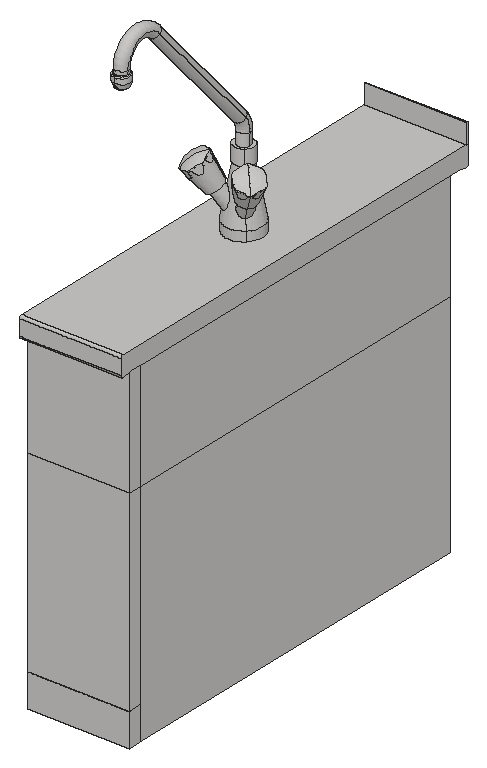
Revit family "QF_ELECTROLUXPROFESSIONAL_588559_MBEBGBB3OO", category Attrezzature speciali, Revit 2020
Family settings
  Quota connettore circolare = Usa diametro
  Tipo di parte = Normale
  Basato su piano di lavoro = No
  Sempre verticale = Sì
  Taglio con vuoti quando caricato = No
  Condiviso = No
  Punto di calcolo locali = No
Parameters (values of type "Standard")
  Weight = 26.00 kg
  Watts = 0 W
  Volts = 0 V
  URL Manufacturer = "https://www.electroluxprofessional.com/"
  URL = "https://www.electroluxprofessional.com/"
  Steam Supply Size = 0"
  Steam Supply Minimum Pressure = 0.00 psi
  Steam Supply Maximum Pressure = 0.00 psi
  Steam Consumption per Hour = 0
  Refrigeration Suction Line Size = 0 mm
  Refrigeration Liquid Line Size = 0 mm
  Refrigerant Compressor Remote = yes
  Prospetto di default = 0 mm
  Phase = 0
  Modello = "MBEBGBB3OO"
  Produttore = "Electrolux Professional"
  Length Actual = 200 mm  # constant formula
  Item Number = "588559"
  Hot Water Size = 3/4"
  Height Actual = 700 mm  # constant formula
  HP = "0 HP"
  Gas Size = 0"
  Gas KW = 0
  Gas Input Pressure = 0.0 Btu/h
  Direct Waste Size = 0"
  Descrizione = "WATER MIXING TAP,KNOBS,1S,BS,200X850X700"
  Depth Actual = 850 mm  # constant formula
  Cycle = 0 Hz
  Condensate Return Size = 0"
  Compressed Air Volume = 0 GPM
  Compressed Air Size = 0"
  Compressed Air Pressure = 0.00 psi
  Cold Water Size = 3/4"
  Accessory = yes
Reference planes
  plane 1 "BACK": y = 50
  plane 2: z = 0
  plane 3 "LEFT": x = 0
  plane 4 "RIGHT": x = 200
  plane 5 "FRONT": y = -800
  plane 6 "TOP": z = 900
  plane 7 "Center (Left/Right)": x = 100
  plane 8: y = -375
  plane 9 "Base": z = 200
  plane 10: y = -150
  plane 11 "Panel": y = -755
  plane 12: z = 1375
  plane 13: x = 78
  plane 14: y = -100
  plane 15: y = -600
  plane 16 "HWCWx": x = 145
  plane 17 "HWCWy": y = -423
  plane 18: z = 1285
  plane 19: y = -416.65
  plane 20: y = -429.35
Forms (mm)
  Extrusion 1, solid, material "QF_Finishes_Stainless Steel"
    sketch origin (-178.969, -4572, 200) x (-1, 0, 0) y (0, -1, 0)
      loop
        line (-178.969, -4577) -> (-178.969, -3817) -> (-378.969, -3817) -> (-378.969, -4577) -> (-178.969, -4577)
    from 450 to 662.969
  Extrusion 2, solid, material "QF_Finishes_Stainless Steel"
    sketch origin (0, 0, 0) x (0, 1, 0) y (0, 0, 1)
      loop
        line (-755, 200) -> (-755, 265) -> (-780, 265) -> (-780, 200) -> (-755, 200)
    from 0 to 200
  Extrusion 3, solid, material "QF_Finishes_Stainless Steel"
    sketch origin (100, 296.4, 1219.2) x (0, 1, 0) y (0, 0, 1)
      loop
        line (-246.4, -319.2) -> (-1091.4, -319.2)
        arc (-1091.4, -319.2) -> (-1094.935, -320.664) -> (-1096.4, -324.2) r 5
        line (-1096.4, -324.2) -> (-1096.4, -355.2)
        arc (-1096.4, -355.2) -> (-1094.971, -358.264) -> (-1091.705, -359.139) r 4
        line (-1091.705, -359.139) -> (-1076.4, -356.231) -> (-266.4, -356.231) -> (-251.094, -359.139)
        arc (-251.094, -359.139) -> (-247.829, -358.264) -> (-246.4, -355.2) r 4
        line (-246.4, -355.2) -> (-246.4, -319.2)
    from -100 to 100
  Extrusion 4, solid, material "QF_Finishes_Stainless Steel"
    sketch origin (-178.969, -4572, 200) x (-1, 0, 0) y (0, -1, 0)
      loop
        line (-178.969, -4577) -> (-178.969, -3817) -> (-378.969, -3817) -> (-378.969, -4577) -> (-178.969, -4577)
    from 450 to 0
  Extrusion 5, solid, material "QF_Finishes_Stainless Steel"
    sketch origin (400, 296.4, 1219.2) x (0, 1, 0) y (0, 0, 1)
      loop
        line (-249.4, -319.2) -> (-246.4, -319.2) -> (-246.4, -281.2) -> (-249.4, -281.2) -> (-249.4, -319.2)
    from -400 to -200
  Extrusion 6, solid, material "QF_Finishes_Stainless Steel"
    sketch origin (0, 0, 0) x (0, 1, 0) y (0, 0, 1)
      loop
        line (-755, 650) -> (-755, 862.969) -> (-780, 862.969) -> (-780, 650) -> (-755, 650)
    from 0 to 200
  Extrusion 7, solid, material "QF_Finishes_Stainless Steel"
    sketch origin (0, 0, 0) x (0, 1, 0) y (0, 0, 1)
      loop
        line (-755, 650) -> (-780, 650) -> (-780, 265) -> (-755, 265) -> (-755, 650)
    from 0 to 200
  Extrusion 8, solid, material "QF_Finishes_Stainless Steel"
    sketch origin (-178.969, -4572, 200) x (-1, 0, 0) y (0, -1, 0)
      loop
        circle (-323.969, -4155.35) r 6.35
    from 0 to -12
  Extrusion 9, solid, material "QF_Finishes_Stainless Steel"
    sketch origin (-176.398, -4574.007, 200) x (-1, 0, 0) y (0, -1, 0)
      loop
        circle (-321.398, -4144.657) r 6.35
    from 0 to -12
Lines and regions (mm)
  symbolic lines
    curve 1: line (0, 50, 200) -> (200, 50, 200)
    curve 2: line (0, -800, 200) -> (0, 50, 200)
    curve 3: line (200, -800, 200) -> (0, -800, 200)
    curve 4: line (200, 50, 200) -> (200, -800, 200)
    curve 5: line (0, 47, 0) -> (200, 47, 0)
Dimensions and locks
  plane 3 "LEFT" to plane 4 "RIGHT" = 200 mm
  plane 5 "FRONT" to plane 1 "BACK" = 850 mm
  equal spacing: plane 3 "LEFT", plane 7 "Center (Left/Right)", plane 4 "RIGHT"
  equal spacing: plane 5 "FRONT", plane 8, plane 1 "BACK"
  plane 6 "TOP" to level = 900 mm  (x2)
  plane 9 "Base" to level = 200 mm
  plane 1 "BACK" to plane 10 to plane 11 "Panel" = 200 mm, 605 mm  (x2)
  plane 6 "TOP" to plane 9 "Base" to level = 700 mm, 200 mm
  plane 1 "BACK" to plane 5 "FRONT" = 850 mm
  plane 12 to plane 6 "TOP" = 475 mm
  plane 13 to plane 3 "LEFT" = 78 mm
  locked: plane 1 "BACK" to plane 14 at 150
  locked: plane 14 to plane 15 at 500
  plane 11 "Panel" to plane 5 "FRONT" = 45 mm
  plane 16 "HWCWx" to plane 4 "RIGHT" = 55 mm
  plane 17 "HWCWy" to plane 1 "BACK" = 473 mm
  plane 18 to plane 6 "TOP" = 385 mm
  plane 19 to plane 17 "HWCWy" = 6.35 mm
  plane 17 "HWCWy" to plane 20 = 6.35 mm
  aligned and locked: level to plane 2
  aligned and locked: Extrusion 2 to plane 4 "RIGHT"
  aligned and locked: nested 1 to plane 8
Automatic sketch dimensions
  Extrusion 1 sketch curve to plane 4 "RIGHT" = 0 mm
  Extrusion 1 sketch curve to plane 3 "LEFT" = 0 mm
  Extrusion 1 sketch curve to plane 11 "Panel" = 0 mm
  plane 1 "BACK" to Extrusion 1 sketch curve = 45 mm
  Extrusion 2 sketch curve to plane 9 "Base" = 0 mm
  Extrusion 2 sketch curve to plane 11 "Panel" = 0 mm
  Extrusion 2 sketch curve to plane 5 "FRONT" = 20 mm
  plane 9 "Base" to Extrusion 2 sketch curve = 65 mm
  plane 1 "BACK" to curve 1 = 0 mm
  plane 5 "FRONT" to curve 3 = 0 mm
  Extrusion 3 sketch curve to plane 5 "FRONT" = 0 mm
  Extrusion 3 sketch curve to plane 6 "TOP" = 0 mm
  Extrusion 3 sketch curve to plane 1 "BACK" = 0 mm
  Extrusion 3 sketch curve to Extrusion 3 sketch curve = 4 mm
  Extrusion 3 sketch curve to Extrusion 3 sketch curve = 0.695 mm
  Extrusion 3 sketch curve to plane 5 "FRONT" = 5 mm
  Extrusion 3 sketch curve to Extrusion 3 sketch curve = 15.305 mm
  plane 1 "BACK" to Extrusion 3 sketch curve = 20 mm
  plane 1 "BACK" to Extrusion 3 sketch curve = 4.695 mm
  plane 1 "BACK" to Extrusion 3 sketch curve = 4 mm
  Extrusion 3 sketch curve to Extrusion 3 sketch curve = 31 mm
  Extrusion 3 sketch curve to Extrusion 3 sketch curve = 36 mm
  Extrusion 3 sketch curve to Extrusion 3 sketch curve = 2.909 mm
  Extrusion 4 sketch curve to plane 4 "RIGHT" = 0 mm
  Extrusion 4 sketch curve to plane 3 "LEFT" = 0 mm
  Extrusion 4 sketch curve to plane 11 "Panel" = 0 mm
  plane 1 "BACK" to Extrusion 4 sketch curve = 45 mm
  Extrusion 5 sketch curve to plane 6 "TOP" = 0 mm
  Extrusion 5 sketch curve to plane 1 "BACK" = 0 mm
  plane 1 "BACK" to Extrusion 5 sketch curve = 3 mm
  plane 6 "TOP" to Extrusion 5 sketch curve = 38 mm
  Extrusion 6 sketch curve to plane 11 "Panel" = 0 mm
  Extrusion 6 sketch curve to plane 5 "FRONT" = 20 mm
  Extrusion 6 sketch curve to plane 6 "TOP" = 37.031 mm
  Extrusion 7 sketch curve to plane 11 "Panel" = 0 mm
  Extrusion 7 sketch curve to plane 5 "FRONT" = 20 mm
  Extrusion 7 sketch curve to plane 6 "TOP" = 635 mm
  Extrusion 6 sketch curve to Extrusion 6 sketch curve = 212.969 mm
  Extrusion 7 sketch curve to plane 6 "TOP" = 250 mm
  curve 5 to plane 3 "LEFT" = 0 mm
  curve 5 to plane 4 "RIGHT" = 0 mm
  plane 1 "BACK" to curve 5 = 3 mm
  curve 1 to plane 4 "RIGHT" = 0 mm
  curve 3 to plane 3 "LEFT" = 0 mm
  Extrusion 8 sketch curve to plane 16 "HWCWx" = 0 mm
  Extrusion 8 sketch curve to plane 19 = 0 mm
  plane 16 "HWCWx" to Extrusion 9 sketch curve = 0 mm
  plane 20 to Extrusion 9 sketch curve = 0 mm
  radius of Extrusion 8 sketch curve = 6.35 mm
  radius of Extrusion 9 sketch curve = 6.35 mm
Nested families
  nested 1: "Rub2manop" at (100, -375, 900), type "Rub2manop"
Connectors
  piping at (145, -416.65, 188), diameter 19.05, driven by "Cold Water Size"
    settings: on Extrusion 8, index 1, connector inside diameter 24", connector length 0 mm, flow factor 0, pipe flow 0 GPM, pressure drop 0.00 psi, fitting loss kfactor 0, connector angle 0.00°, fixture units 0, engagement length 0 mm, angle of deflection 0.00°, flow configuration 1, flow direction 1, fitting loss method 0, system type 19, joint type 0, gender type 0, connector reference index -1, connector utility 0, adjustable connector no, is connector primary yes, connector description "Cold Water Inlet"
  piping at (145, -429.35, 188), diameter 19.05, driven by "Cold Water Size"
    settings: on Extrusion 9, index 2, connector inside diameter 24", connector length 0 mm, flow factor 0, pipe flow 0 GPM, pressure drop 0.00 psi, fitting loss kfactor 0, connector angle 0.00°, fixture units 0, engagement length 0 mm, angle of deflection 0.00°, flow configuration 1, flow direction 1, fitting loss method 0, system type 20, joint type 0, gender type 0, connector reference index -1, connector utility 0, adjustable connector no, is connector primary no, connector description "Cold Water Inlet"
Definition of nested family "Rub2manop"
  Parameters
    Default Elevation = 0 mm
  Reference planes
    plane 1 "Center (Front/Back)": y = 0
    plane 2: z = 0
    plane 3 "Center (Left/Right)": x = 0
    plane 4: through (0, -1.816, 19.983) normal (0, 0.829, 0.5592)
    plane 5: through (0, 1.816, 19.983) normal (0, 0.829, -0.5592)
    plane 6: z = 475
    plane 7: z = 385
    plane 8: y = -300
  Forms (mm)
    Revolve 1, solid
      sketch origin (0, 0, 0) x (0.707107, -0.707107, 0) y (0, 0, 1)
        loop
          line (-37.178, 0) -> (0, 0) -> (0, 152.75) -> (-20, 152.75) -> (-20, 122.711) -> (-16.973, 122.711) -> (-37.178, 18.761) -> (-37.178, 0)
        axis (0, 152.75) -> (0, 0)
      angle from 0 to 360
    Sweep 2, solid
      path origin (0, 0, 70) x (0, 1, 0) y (0, 0, 1)
        loop
          line (0, 82.75) -> (0, 107.023)
          arc (0, 107.023) -> (-2.868, 122.832) -> (-11.107, 136.626) r 45
          line (-11.107, 136.626) -> (-221.159, 377.123)
          arc (-221.159, 377.123) -> (-270.846, 389.579) -> (-300, 347.461) r 45
          line (-300, 347.461) -> (-300, 340)
      profile origin (0, 0, 164.887) x (0, -1, 0) y (1, 0, 0)
        loop
          circle (0, 0) r 12.5
    Revolve 3, solid
      sketch origin (0, 49.999, 152.116) x (0, 1, 0) y (0, 0, 1)
        loop
          line (-333.717, 244.264) -> (-333.717, 254.236)
          arc (-333.717, 254.236) -> (-334.434, 255.758) -> (-335.779, 256.77) r 3.5
          line (-335.779, 256.77) -> (-336.499, 257.884) -> (-349.999, 257.884) -> (-349.999, 233.05) -> (-339.2, 233.05)
          arc (-339.2, 233.05) -> (-338.052, 233.411) -> (-337.32, 234.365) r 2
          line (-337.32, 234.365) -> (-333.717, 244.264)
        axis (-349.999, 257.884) -> (-349.999, 233.05)
      angle from 0 to 360
    Revolve 4, solid
      sketch origin (6.565, -6.565, 13.502) x (-0.703233, 0.703233, -0.104528) y (0.073913, -0.073913, -0.994522)
        loop
          line (-12.287, -29.236) -> (-83.426, -114.015)
          arc (-83.426, -114.015) -> (-71.241, -121.894) -> (-57.494, -126.538) r 58.601
          line (-57.494, -126.538) -> (-27.071, -77.85) -> (-30.606, -74.315) -> (-1.681, -39.843) -> (-12.287, -29.236)
        axis (-12.287, -29.236) -> (-83.426, -114.015)
      angle from 0 to 360
    Extrusion 5, void
      sketch origin (-64.308, 64.308, 82.551) x (-0.707107, -0.707107, 0) y (0.586218, -0.586218, -0.559193)
        loop
          line (0, 82.664) -> (25.311, 97.277) -> (25.311, 126.504) -> (0, 141.117) -> (-25.311, 126.504) -> (-25.311, 97.277) -> (0, 82.664)
        loop
          line (-35, 73.481) -> (35, 73.481) -> (35, 150.258) -> (-35, 150.258) -> (-35, 73.481)
      from 99.488 to 151.47
    Revolve 6, solid
      sketch origin (-6.565, -6.565, 13.502) x (0.703233, 0.703233, -0.104528) y (0.073913, 0.073913, 0.994522)
        loop
          line (-12.287, 29.236) -> (-1.681, 39.843) -> (-30.606, 74.315) -> (-27.071, 77.85) -> (-57.494, 126.538)
          arc (-57.494, 126.538) -> (-71.241, 121.894) -> (-83.426, 114.015) r 58.601
          line (-83.426, 114.015) -> (-12.287, 29.236)
        axis (-12.287, 29.236) -> (-83.426, 114.015)
      angle from 0 to 360
    Extrusion 7, void
      sketch origin (64.308, 64.308, 82.551) x (0.707107, -0.707107, 0) y (0.586218, 0.586218, 0.559193)
        loop
          line (0, -82.664) -> (-25.311, -97.277) -> (-25.311, -126.504) -> (0, -141.117) -> (25.311, -126.504) -> (25.311, -97.277) -> (0, -82.664)
        loop
          line (-35, -73.481) -> (-35, -150.258) -> (35, -150.258) -> (35, -73.481) -> (-35, -73.481)
      from 99.488 to 151.47
  Cuts and joins
    Extrusion 5, Extrusion 7 cuts Revolve 4
    Extrusion 7 cuts Revolve 6
    joined: Revolve 1, Revolve 4, Revolve 6
  Lines and regions (mm)
    symbolic lines
      curve 1: arc (-12.5, -300, 0) -> (0, -312.5, 0) -> (12.5, -300, 0) r 12.5
      curve 2: arc (-12.5, -289.567, 0) -> (0, -316.282, 0) -> (12.5, -289.567, 0) r 16.282
      curve 3: line (12.5, -300, 0) -> (12.5, -35, 0)
      curve 4: line (-12.5, -300, 0) -> (-12.5, -36.463, 0)
      curve 5: arc (-12.5, -15.612, 0) -> (0, 20, 0) -> (12.5, -15.612, 0) r 20
      curve 6: arc (-35.645, -10.568, 0) -> (2.287, 37.108, 0) -> (34.078, -14.864, 0) r 37.178
      curve 7: spline (13.228, -34.745, 0) -> (13.239, -35.559, 0) -> (13.288, -36.365, 0) -> (13.374, -37.16, 0) -> (13.497, -37.944, 0) -> (13.657, -38.715, 0) -> (13.855, -39.47, 0) -> (14.088, -40.21, 0) -> (14.358, -40.932, 0) -> (14.663, -41.634, 0) -> (15.002, -42.315, 0) -> (15.376, -42.975, 0) -> (15.782, -43.611, 0)
      curve 8: spline (43.611, -15.782, 0) -> (40.794, -14.303, 0) -> (37.644, -13.445, 0) -> (34.273, -13.239, 0) -> (30.803, -13.693, 0) -> (27.359, -14.79, 0) -> (24.066, -16.49, 0) -> (21.041, -18.733, 0) -> (18.395, -21.437, 0) -> (16.223, -24.505, 0) -> (14.602, -27.827, 0) -> (13.592, -31.282, 0) -> (13.228, -34.745, 0)
      curve 9: line (13.228, -34.745, 0) -> (7.861, -29.378, 0)
      curve 10: line (34.644, -13.493, 0) -> (29.195, -8.044, 0)
      curve 11: arc (29.195, -8.044, 0) -> (15.24, -15.423, 0) -> (7.861, -29.378, 0) r 26.795
      curve 12: line (43.611, -15.782, 0) -> (63.195, -27.4, 0)
      curve 13: line (63.195, -27.4, 0) -> (78.806, -43.011, 0)
      curve 14: line (43.011, -78.806, 0) -> (27.319, -63.114, 0)
      curve 15: line (27.319, -63.114, 0) -> (15.782, -43.611, 0)
      curve 16: line (29.21, -65.005, 0) -> (28.397, -59.939, 0)
      curve 17: line (35.372, -40.158, 0) -> (40.158, -35.372, 0)
      curve 18: line (59.939, -28.397, 0) -> (65.005, -29.21, 0)
      curve 19: line (59.939, -28.397, 0) -> (40.158, -35.372, 0)
      curve 20: line (35.372, -40.158, 0) -> (28.397, -59.939, 0)
      curve 21: line (59.939, -28.397, 0) -> (53.555, -26.199, 0)
      curve 22: line (53.555, -26.199, 0) -> (47.458, -25.233, 0)
      curve 23: arc (47.458, -25.233, 0) -> (42.154, -26.754, 0) -> (39.911, -31.794, 0) r 6.527
      curve 24: line (39.911, -31.794, 0) -> (40.158, -35.372, 0)
      curve 25: line (28.397, -59.939, 0) -> (26.199, -53.555, 0)
      curve 26: line (26.199, -53.555, 0) -> (25.233, -47.458, 0)
      curve 27: arc (25.233, -47.458, 0) -> (26.754, -42.154, 0) -> (31.794, -39.911, 0) r 6.527
      curve 28: line (31.794, -39.911, 0) -> (35.372, -40.158, 0)
      curve 29: line (69.215, -71.475, 0) -> (71.475, -69.215, 0)
      curve 30: arc (78.806, -43.011, 0) -> (77.308, -56.719, 0) -> (71.475, -69.215, 0) r 42.239
      curve 31: arc (43.011, -78.806, 0) -> (56.719, -77.308, 0) -> (69.215, -71.475, 0) r 42.239
      curve 32: spline (-13.228, -34.745, 0) -> (-13.239, -35.559, 0) -> (-13.288, -36.365, 0) -> (-13.374, -37.16, 0) -> (-13.497, -37.944, 0) -> (-13.657, -38.715, 0) -> (-13.855, -39.47, 0) -> (-14.088, -40.21, 0) -> (-14.358, -40.932, 0) -> (-14.663, -41.634, 0) -> (-15.002, -42.315, 0) -> (-15.376, -42.975, 0) -> (-15.782, -43.611, 0)
      curve 33: spline (-43.611, -15.782, 0) -> (-40.794, -14.303, 0) -> (-37.644, -13.445, 0) -> (-34.273, -13.239, 0) -> (-30.803, -13.693, 0) -> (-27.359, -14.79, 0) -> (-24.066, -16.49, 0) -> (-21.041, -18.733, 0) -> (-18.395, -21.437, 0) -> (-16.223, -24.505, 0) -> (-14.602, -27.827, 0) -> (-13.592, -31.282, 0) -> (-13.228, -34.745, 0)
      curve 34: line (-13.228, -34.745, 0) -> (-7.861, -29.378, 0)
      curve 35: line (-34.386, -13.235, 0) -> (-29.195, -8.044, 0)
      curve 36: arc (-29.195, -8.044, 0) -> (-15.24, -15.423, 0) -> (-7.861, -29.378, 0) r 26.795
      curve 37: line (-43.611, -15.782, 0) -> (-63.195, -27.4, 0)
      curve 38: line (-63.195, -27.4, 0) -> (-78.806, -43.011, 0)
      curve 39: line (-43.011, -78.806, 0) -> (-27.319, -63.114, 0)
      curve 40: line (-27.319, -63.114, 0) -> (-15.782, -43.611, 0)
      curve 41: line (-29.21, -65.005, 0) -> (-28.397, -59.939, 0)
      curve 42: line (-35.372, -40.158, 0) -> (-40.158, -35.372, 0)
      curve 43: line (-59.939, -28.397, 0) -> (-65.005, -29.21, 0)
      curve 44: line (-59.939, -28.397, 0) -> (-40.158, -35.372, 0)
      curve 45: line (-35.372, -40.158, 0) -> (-28.397, -59.939, 0)
      curve 46: line (-59.939, -28.397, 0) -> (-53.555, -26.199, 0)
      curve 47: line (-53.555, -26.199, 0) -> (-47.458, -25.233, 0)
      curve 48: arc (-47.458, -25.233, 0) -> (-42.154, -26.754, 0) -> (-39.911, -31.794, 0) r 6.527
      curve 49: line (-39.911, -31.794, 0) -> (-40.158, -35.372, 0)
      curve 50: line (-28.397, -59.939, 0) -> (-26.199, -53.555, 0)
      curve 51: line (-26.199, -53.555, 0) -> (-25.233, -47.458, 0)
      curve 52: arc (-25.233, -47.458, 0) -> (-26.754, -42.154, 0) -> (-31.794, -39.911, 0) r 6.527
      curve 53: line (-31.794, -39.911, 0) -> (-35.372, -40.158, 0)
      curve 54: line (-69.215, -71.475, 0) -> (-71.475, -69.215, 0)
      curve 55: arc (-78.806, -43.011, 0) -> (-77.308, -56.719, 0) -> (-71.475, -69.215, 0) r 42.239
      curve 56: arc (-43.011, -78.806, 0) -> (-56.719, -77.308, 0) -> (-69.215, -71.475, 0) r 42.239
      curve 57: spline (12.5, -221.159, 0) -> (12.074, -218.727, 0) -> (10.825, -216.459, 0) -> (8.839, -214.513, 0) -> (6.25, -213.019, 0) -> (3.235, -212.08, 0) -> (0, -211.759, 0) -> (-3.235, -212.08, 0) -> (-6.25, -213.019, 0) -> (-8.839, -214.513, 0) -> (-10.825, -216.459, 0) -> (-12.074, -218.727, 0) -> (-12.5, -221.159, 0)
      curve 58: arc (-12.5, 0, 0) -> (0, 12.5, 0) -> (12.5, 0, 0) r 12.5
      curve 59: arc (-12.001, -12.001, 0) -> (0, 16.973, 0) -> (12.001, -12.001, 0) r 16.973
      curve 60: line (-12.5, -18.633, 0) -> (-12.5, 0, 0)
      curve 61: line (12.5, -18.633, 0) -> (12.5, 0, 0)
  Dimensions and locks
    plane 7 to level = 385 mm
    plane 6 to level = 475 mm
    plane 1 "Center (Front/Back)" to plane 8 = 300 mm
    aligned and locked: level to plane 2
